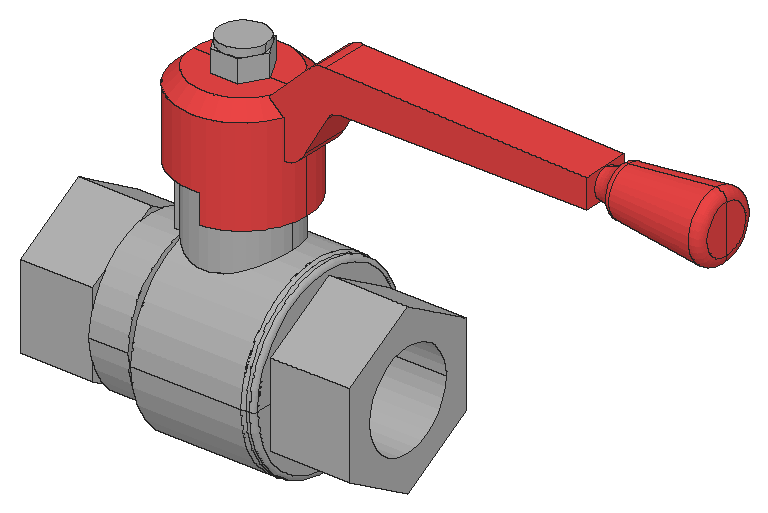
Revit family "QA00700000", category Apparecchi idraulici, Revit 2016
Family settings
  Tipo di parte = Normale
  Quota connettore circolare = Usa diametro
  Numero OmniClass = 23.45.00.00
  Titolo OmniClass = Sanitary, Laundry, and Cleaning Equipment
  Basato su piano di lavoro = No
  Sempre verticale = Sì
  Taglio con vuoti quando caricato = No
  Condiviso = No
  Punto di calcolo locali = No
Parameters
  DN Model [instance] = QA00701020 : QA00701020
  DN [instance] = 20 mm
Reference planes
  plane 1 "Centro (Fronte/Retro)": y = 0
  plane 2: z = 0
  plane 3 "Centro (Sinistra/Destra)": x = 0
Dimensions and locks
  aligned and locked: level to plane 2
Nested families
  nested 1: "QA00701020" at (0, 0, 0), type <- "DN Model", type "QA00701020"
  nested 2: "QA00701020" at (0, 0, 0), type <- "DN Model", type "QA00701020"
  nested 3: "QA00701020" at (0, 0, 0), type <- "DN Model", type "QA00701020"
  nested 4: "QA00701020" at (0, 0, 0), type <- "DN Model", type "QA00701020"
  nested 5: "QA00701020" at (0, 0, 0), type <- "DN Model", type "QA00701020"
  nested 6: "QA00701020" at (0, 0, 0), type <- "DN Model", type "QA00701020"
  nested 7: "QA00701020" at (0, 0, 0), type <- "DN Model", type "QA00701020"
  nested 8: "QA00701020" at (0, 0, 0), type <- "DN Model", type "QA00701020"
  nested 9: "QA00701020" at (0, 0, 0), type <- "DN Model", type "QA00701020"
  nested 10: "QA00701020" at (0, 0, 0), type <- "DN Model", type "QA00701020"
Connectors
  piping at (34.1, 0, 0), diameter 20, driven by "DN"
    settings: on nested 1, index 1, connector inside diameter 609.6 mm, connector length 0 mm, flow factor 0, pipe flow 0.0 L/s, pressure drop 0.0 Pa, fitting loss kfactor 0, connector angle 0.00°, fixture units 0, engagement length 0 mm, angle of deflection 0.00°, flow configuration 0, flow direction 0, fitting loss method 0, system type 7, joint type 0, gender type 0, connector reference index -1, connector utility 0, adjustable connector no, is connector primary yes, connector description ""
  piping at (-34.1, 0, 0), diameter 20, driven by "DN"
    settings: on nested 1, index 2, connector inside diameter 609.6 mm, connector length 0 mm, flow factor 0, pipe flow 0.0 L/s, pressure drop 0.0 Pa, fitting loss kfactor 0, connector angle 0.00°, fixture units 0, engagement length 0 mm, angle of deflection 0.00°, flow configuration 0, flow direction 0, fitting loss method 0, system type 7, joint type 0, gender type 0, connector reference index -1, connector utility 0, adjustable connector no, is connector primary no, connector description ""
Definition of nested family "QA00701020"
  Reference planes
    plane 1 "Centro (Fronte/Retro)": y = 0
    plane 2: z = 0
    plane 3 "Centro (Sinistra/Destra)": x = 0
  Forms (mm)
    Extrusion 1, solid
      sketch origin (0, 0, 28.55) x (1, 0, 0) y (0, 1, 0)
        loop
          circle (0, 0) r 10.25
        loop
          circle (0, 0) r 6.348
      from -20.832 to 15.409
    Extrusion 2, solid
      sketch origin (-1.996, 0, 4.955) x (1, 0, 0) y (0, 0, 1)
        loop
          line (-13, 26.345) -> (-13, 21.045) -> (-11, 19.89) -> (-11, 9.005) -> (-5.604, 9.005) -> (-5.604, 26.345) -> (-13, 26.345)
      from 0 to 1.497
    Extrusion 3, solid
      sketch origin (0, 0, 49.8) x (0, 1, 0) y (-1, 0, 0)
        loop
          line (0, 5.6) -> (-4.85, 2.8) -> (-4.85, -2.8) -> (0, -5.6) -> (4.85, -2.8) -> (4.85, 2.8) -> (0, 5.6)
      from 0 to 4.5
    Extrusion 4, solid
      sketch origin (0, 0, 54.3) x (0, 1, 0) y (-1, 0, 0)
        loop
          circle (0, 0) r 4.75
      from 0 to 1.5
    Revolve 5, solid
      sketch origin (0, 0, 0) x (0, 1, 0) y (-1, 0, 0)
        loop
          line (9.248, 19) -> (9.248, -17.6) -> (18.214, -17.6)
          arc (18.214, -17.6) -> (18.909, -17.353) -> (19.25, -16.699) r 1.009
          line (19.25, -16.699) -> (19.25, -15.869) -> (19.5, -15.1) -> (19.5, 7.6) -> (16.1, 11) -> (16.1, 19) -> (9.248, 19)
        axis (0, 19) -> (0, -17.6)
      angle from 0 to 360
    Extrusion 6, solid
      sketch origin (-16, 0, 0) x (0, 0, 1) y (0, 1, 0)
        loop
          circle (0, 0) r 10
        loop
          line (-17.35, 0) -> (-8.675, -15.026) -> (8.675, -15.026) -> (17.35, 0) -> (8.675, 15.026) -> (-8.675, 15.026) -> (-17.35, 0)
      from 3 to 18.1
    Extrusion 7, solid
      sketch origin (16, 0, 0) x (0, 0, 1) y (0, -1, 0)
        loop
          circle (0, 0) r 10
        loop
          line (-17.35, 0) -> (-8.675, -15.026) -> (8.675, -15.026) -> (17.35, 0) -> (8.675, 15.026) -> (-8.675, 15.026) -> (-17.35, 0)
      from 0.6 to 18.1
    Revolve 8, solid
      sketch origin (0, 0, 0) x (1, 0, 0) y (0, 0, 1)
        loop
          line (0, 49.8) -> (-10.25, 49.8) -> (-13.25, 46.8) -> (-13.25, 26.8) -> (-10.467, 26.8) -> (-10.467, 45.453) -> (0, 45.453) -> (0, 49.8)
        axis (0, 26.8) -> (0, 49.8)
      angle from 0 to 360
    Extrusion 9, void
      sketch origin (0, 0, 54.3) x (-1, 0, 0) y (0, 1, 0)
        loop
          line (14.025, 0) -> (10.467, 0)
          arc (10.467, 0) -> (6.812, -7.947) -> (-1.6, -10.344) r 10.467
          line (-1.6, -10.344) -> (-1.6, -13.934)
          arc (-1.6, -13.934) -> (9.334, -10.468) -> (14.025, 0) r 14.025
      from 21.5 to 31.018
    Extrusion 10, solid
      sketch origin (0, 0, 0) x (1, 0, 0) y (0, 0, 1)
        loop
          line (8.245, 48.545) -> (10.929, 38.944)
          arc (10.929, 38.944) -> (14.477, 39.32) -> (16.897, 41.942) r 5.062
          line (16.897, 41.942) -> (21.6, 50.064)
          arc (21.6, 50.064) -> (22.507, 50.973) -> (23.745, 51.314) r 2.506
          line (23.745, 51.314) -> (75.001, 51.8) -> (75.001, 57.8) -> (21.149, 59.242)
          arc (21.149, 59.242) -> (20.094, 59.159) -> (19.079, 58.854) r 5
          arc (19.079, 58.854) -> (18.227, 58.395) -> (17.48, 57.78) r 5
          line (17.48, 57.78) -> (8.245, 48.545)
      from -4.822 to 4.935
    Revolve 11, solid
      sketch origin (0, 0, 0) x (1, 0, 0) y (0, 0, 1)
        loop
          line (75.001, 57.8) -> (75.001, 54.8) -> (100, 54.8) -> (100, 59.811)
          arc (100, 59.811) -> (99.337, 61.298) -> (97.788, 61.8) r 2
          line (97.788, 61.8) -> (79.776, 59.883)
          arc (79.776, 59.883) -> (79.171, 59.741) -> (78.661, 59.385) r 1.651
          arc (78.661, 59.385) -> (76.988, 58.231) -> (75.001, 57.8) r 5.245
        axis (75.001, 54.8) -> (100, 54.8)
      angle from 0 to 360
  Cuts and joins
    joined: Extrusion 1, Extrusion 2, Revolve 5
    Extrusion 9 cuts Revolve 8
  Dimensions and locks
    aligned and locked: level to plane 2
